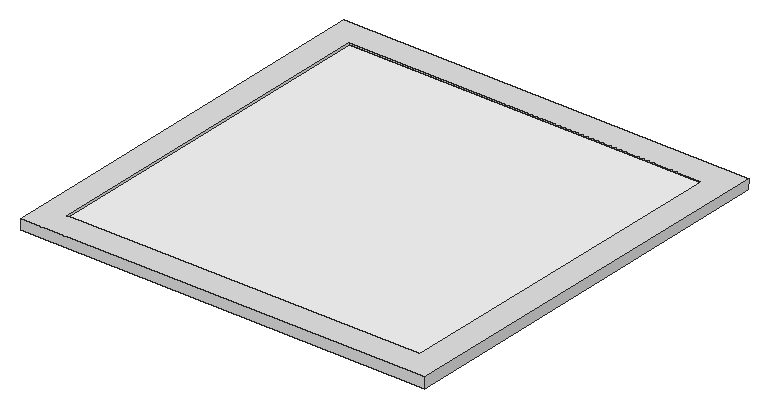
Revit family "LUXI_PANEL LIGHT_IP", category Apparecchi per illuminazione, host Superficie, Revit 2016
Family settings
  Host = Superficie
  Tipo di parte = Normale
  Quota connettore circolare = Usa diametro
  Numero OmniClass = 23.80.70.00
  Titolo OmniClass = Lighting
  Taglio con vuoti quando caricato = No
  Sorgente d'illuminazione = Sì
  Condiviso = No
  Punto di calcolo locali = Sì
Parameters (values of type "LPIP036660W840D")
  Weight = 3.20 kg
  Wattage = 36 W
  built-in parameter 1150103 = 24.2356 W
  Warranty = "5 years"  # constant formula
  Variazione temperatura colore lampada con luminosità attenuata = <Nessuno>
  Uniclass 2015 description = "Lighting"  # constant formula
  Uniclass 2015 code = "EF_70_80"  # constant formula
  URL = "https://www.luxi.lighting/"
  built-in parameter 1150107 = 4000 (stored number, unit not read)
  Step MacAdam (SDCM) = "<4"  # constant formula
  Size = "595x595x11"
  Review = "3"  # constant formula
  Rendi la forma visibile nel rendering = no
  Rated supply voltage = "220-240V AC / 50-60 Hz"  # constant formula
  Protection class = "II"  # constant formula
  Prospetto di default = 2000 mm
  Produttore = "Luxi Illuminazione S.r.l."  # constant formula
  Power supply = "Included, dimmable"  # constant formula
  Power factor = "≥0,95 (typ.)"  # constant formula
  Photobiological risk group = "RG0"  # constant formula
  built-in parameter 1150110 = 1 (stored number, unit not read)
  built-in parameter 1150109 = 1 (stored number, unit not read)
  built-in parameter 1114218 = 1 (stored number, unit not read)
  built-in parameter 1150112 = 1 (stored number, unit not read)
  Optics = "Opal diffusing panel"  # constant formula
  Operating temperature = "0°C / +40°C"  # constant formula
  OFF2 = 4 mm
  OFF1 = 38 mm
  Modello = "IP Series | Panel Light"  # constant formula
  built-in parameter 1150137 = 1
  built-in parameter 1150132 = 2
  Material 3 = Sheet Steel
  Material 2 = Extruded Aluminum_White
  Material 1 = High Trasmittance Opal Technopolimer
  Masterformat 2016 description = "Lighting"  # constant formula
  Masterformat 2016 code = "26.50.00"  # constant formula
  Length = 595 mm
  Light source = "LED SMD"  # constant formula
  Light distribution = "Edge light"  # constant formula
  Lifetime = "L70B20 60.000h"  # constant formula
  Width = 595 mm
  built-in parameter 1150105 = 286.48 (stored number, unit not read)
  built-in parameter 1150102 = (empty or 0)
  Installation = "Recessed / ceiling / suspended"  # constant formula
  Impact rating = "IK06 (1 Joule)"  # constant formula
  built-in parameter 1150106 = 2.8648 (stored number, unit not read)
  IFCExportAs = "IFCLightFixtureType"  # constant formula
  OFF3 = 11 mm
  H = 15 mm
  Lumens = 3600 lm
  Color Filter = 16777215
  File diagramma fotometrico = "LPIP036660W840D Luxi Serie IP 36W 595x595 4000K IP65.IES"
  built-in parameter 1114217 = 1 (stored number, unit not read)
  built-in parameter 1150139 = (empty or 0)
  Energy class = "A+"  # constant formula
  Emit from Rectangle Length = Length - (2 * OFF1)  # 519 mm
  Emit from Rectangle Width = Width - (2 * OFF1)  # 519 mm
  built-in parameter 1150104 = 13.8 (stored number, unit not read)
  Dust and water protection rating = "IP65"  # constant formula
  built-in parameter 1150115 = 1 (stored number, unit not read)
  built-in parameter 1150114 = 1 (stored number, unit not read)
  built-in parameter 1150113 = 1 (stored number, unit not read)
  Dimming = "1-10V / DALI / PUSH DIM"  # constant formula
  Descrizione = "LED panel, high protection rating"  # constant formula
  built-in parameter 1150134 = 12
  built-in parameter 1150138 = (empty or 0)
  Color = "White"  # constant formula
  Code = "LPIP036660W840D"
  Certifications = "CE / RohS"  # constant formula
  Ceiling distance [instance] = 0 mm
  Carico apparente = Wattage  # 36 VA
  CRI = "≥80 (typ.)"  # constant formula
  Tilt Angle = -90.00°
  built-in parameter 1150133 = 10 (stored number, unit not read)
Reference planes
  plane 1 "Centro (Fronte/Retro)": y = 0
  plane 2: z = 0
  plane 3 "Centro (Sinistra/Destra)": x = 0
  plane 4: y = 297.5
  plane 5: y = -297.5
  plane 6: x = 297.5
  plane 7: x = -297.5
  plane 8: y = 259.5
  plane 9: y = -259.5
  plane 10: x = 259.5
  plane 11: x = -259.5
  plane 12: z = 15
  plane 13: z = 4
  plane 14: z = 13
  plane 15: z = 5
  plane 16 "BASE": z = 0
Forms (mm)
  Extrusion 1, solid, material "Extruded Aluminum_White" <- "Material 2"
    sketch origin (0, 0, 0) x (1, 0, 0) y (0, 1, 0)
      loop
        line (-297.5, 297.5) -> (-297.5, -297.5) -> (297.5, -297.5) -> (297.5, 297.5) -> (-297.5, 297.5)
      loop
        line (-259.5, 259.5) -> (-259.5, -259.5) -> (259.5, -259.5) -> (259.5, 259.5) -> (-259.5, 259.5)
    from 4 to 15
  Extrusion 2, solid, material "High Trasmittance Opal Technopolimer" <- "Material 1"
    sketch origin (0, 0, 0) x (1, 0, 0) y (0, 1, 0)
      loop
        line (-259.5, 259.5) -> (-259.5, -259.5) -> (259.5, -259.5) -> (259.5, 259.5) -> (-259.5, 259.5)
    from 5 to 13
  Extrusion 3, solid, material "Extruded Aluminum_White" <- "Material 2"
    sketch origin (0, 0, 0) x (1, 0, 0) y (0, 1, 0)
      loop
        line (-297.5, 297.5) -> (-297.5, -297.5) -> (297.5, -297.5) -> (297.5, 297.5) -> (-297.5, 297.5)
    from 0 to 5
Cuts and joins
  joined: Extrusion 1, Extrusion 3
Dimensions and locks
  equal spacing: plane 7, plane 3 "Centro (Sinistra/Destra)", plane 6
  equal spacing: plane 5, plane 1 "Centro (Fronte/Retro)", plane 4
  "Length": plane 7 to plane 6
  "Width": plane 5 to plane 4
  "OFF1": plane 7 to plane 11
  "OFF1": plane 10 to plane 6
  "OFF1": plane 8 to plane 4
  "OFF1": plane 9 to plane 5
  "OFF3": plane 12 to plane 13
  locked: plane 12 to plane 14 at 2
  locked: plane 15 to plane 13 at 1
  "OFF2": plane 13 to plane 16 "BASE"
  "Ceiling distance": plane 16 "BASE" to level
  aligned and locked: plane 2 to host face
  aligned and locked: level to host face
  aligned and locked: Extrusion 1 to plane 13
  aligned and locked: plane 12 to Extrusion 1
  aligned and locked: plane 14 to Extrusion 2
  aligned and locked: plane 12 to imposter light
  aligned and locked: Extrusion 2 to plane 15
  aligned and locked: Extrusion 3 to Extrusion 2
  aligned and locked: Extrusion 3 to plane 16 "BASE"
Automatic sketch dimensions
  host sketch curve to host sketch curve = 2438.4 mm  (x2)
  Extrusion 1 sketch curve to plane 5 = 0 mm
  Extrusion 1 sketch curve to plane 7 = 0 mm
  plane 8 to Extrusion 1 sketch curve = 0 mm
  Extrusion 1 sketch curve to plane 9 = 0 mm
  Extrusion 1 sketch curve to plane 11 = 0 mm
  Extrusion 1 sketch curve to plane 10 = 0 mm
  plane 4 to Extrusion 1 sketch curve = 0 mm
  Extrusion 1 sketch curve to plane 6 = 0 mm
  plane 8 to Extrusion 2 sketch curve = 0 mm
  Extrusion 2 sketch curve to plane 11 = 0 mm
  Extrusion 2 sketch curve to plane 10 = 0 mm
  Extrusion 2 sketch curve to plane 9 = 0 mm
  Extrusion 3 sketch curve to plane 7 = 0 mm
  plane 4 to Extrusion 3 sketch curve = 0 mm
  Extrusion 3 sketch curve to plane 6 = 0 mm
  Extrusion 3 sketch curve to plane 5 = 0 mm
Nested families
  nested 1: "PanelDET" at (0, 0, 0), Largh <- "Width", Lungh <- "Length", Off1 <- "OFF1", type "PanelDET"
    with Off1 38 mm, Lungh 595 mm, Largh 595 mm
Connectors
  electrical at (0, 0, 4), driven by "Wattage"
    settings: on cut or joined group of Extrusion 1, Extrusion 3, index 1, voltage 230 V, apparent load 0 VA, apparent load phase1 36 VA, apparent load phase2 0 VA, apparent load phase3 0 VA, power factor 1, load classification "Altro", number of poles 1, system type 31, power factor state 1, is connector primary yes, connector utility no, sub classification motor no, connector description ""
Definition of nested family "PanelDET"
  Parameters (values of type "PanelDET")
    Off1 [instance] = 93.635 mm
    Lungh [instance] = 1078.827 mm
    Largh [instance] = 899.656 mm
  Reference planes
    plane 1 "Centro (Fronte/Retro)": y = 0
    plane 2: z = 0
    plane 3 "Centro (Sinistra/Destra)": x = 0
  Lines and regions (mm)
    detail lines, in view "Livello rif."
      curve 1: line (-539.414, 449.828, 0) -> (539.414, 449.828, 0)
      curve 2: line (-539.414, -449.828, 0) -> (-539.414, 449.828, 0)
      curve 3: line (539.414, -449.828, 0) -> (-539.414, -449.828, 0)
      curve 4: line (539.414, 449.828, 0) -> (539.414, -449.828, 0)
      curve 5: line (-445.779, 356.193, 0) -> (445.779, 356.193, 0)
      curve 6: line (-445.779, -356.193, 0) -> (-445.779, 356.193, 0)
      curve 7: line (445.779, -356.193, 0) -> (-445.779, -356.193, 0)
      curve 8: line (445.779, 356.193, 0) -> (445.779, -356.193, 0)
  Dimensions and locks
    equal spacing: curve 2, plane 3 "Centro (Sinistra/Destra)", curve 4
    equal spacing: curve 3, plane 1 "Centro (Fronte/Retro)", curve 1
    equal spacing: curve 7, plane 1 "Centro (Fronte/Retro)", curve 5
    equal spacing: curve 6, plane 3 "Centro (Sinistra/Destra)", curve 8
    "Lungh": curve 2 to curve 4
    "Largh": curve 1 to curve 3
    "Off1": curve 5 to curve 1
    "Off1": curve 8 to curve 4
